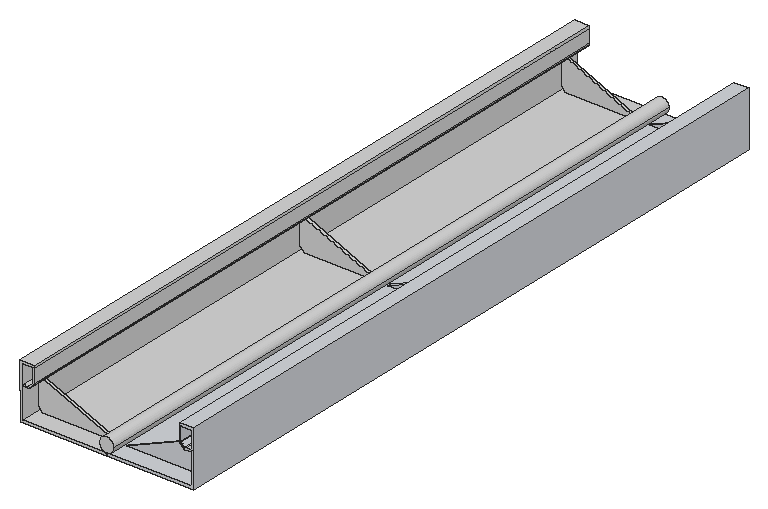
Revit family "ML_ML HINGED INSIDE CORNER 4'_1920158", category Generic Models, Revit 2018
Family settings
  Can host rebar = No
  Round Connector Dimension = Use Diameter
  Part Type = Normal
  OmniClass Number = 35.51.14.00
  OmniClass Title = FORMWORK
  Work Plane-Based = Yes
  Always vertical = No
  Cut with Voids When Loaded = No
  Shared = Yes
  Room Calculation Point = No
Parameters
  VERSION = "20190101"  # constant formula
  URL = "www.ulmaconstruction.com/en"
  UNICLASS = ""
  REAL ANGLE [instance] = if(ANGLE > 66.00°, ANGLE, 66.00°)  # 180.00°
  ITEM_CODE = "1920158"
  Manufacturer = "ULMA CONSTRUCTION"  # constant formula
  INSERTION PLANE [instance] = if(REAL ANGLE = 180.00°, 0.000 mm, (16.500 mm * sin(90.00° - REAL ANGLE) + 16.500 mm) * tan(90.00° - REAL ANGLE) + 16.500 mm * cos(90.00° - REAL ANGLE))  # 0.000 mm
  FILTER [instance] = ""
  Default Elevation = 0.000 mm
  CLASSIFICATION_TITLE = ""
  CLASSIFICATION_NUMBER = ""
  ANGLE [instance] = 180.00°
Reference planes
  plane 1 "Centro (Frontal/Posterior)": y = 0
  plane 2: z = 0
  plane 3 "Centro (Izquierda/Derecha)": x = 0
  plane 4 "ITEM_HEIGHT": y = 1219.2
  plane 5 "CENTER": z = 16.5
  plane 6 "INSERTION PLANE": x = 0
Forms (mm)
  Extrusion 1, solid, material "ULMA ZINC", detail levels fine
    sketch origin (0, 0, 0) x (1, 0, 0) y (0, 0, 1)
      loop
        circle (0, 16.5) r 12.5
    from -1219.2 to 0
  Extrusion 2, solid, material "ULMA ZINC", detail levels fine
    sketch origin (0, 0, 0) x (1, 0, 0) y (0, 0, 1)
      loop
        line (0, 4) -> (-148.4, 4) -> (-148.4, 92.5) -> (-127.4, 92.5) -> (-127.4, 96.5) -> (-152.4, 96.5) -> (-152.4, 0) -> (0, 0) -> (0, 4)
    from -1219.2 to 0
  Extrusion 3, solid, material "ULMA ZINC", detail levels fine
    sketch origin (0, 0, 0) x (1, 0, 0) y (0, 0, 1)
      loop
        arc (-129.9, 68.571) -> (-130.09, 67.614) -> (-130.632, 66.803) r 2.5
        line (-130.632, 66.803) -> (-136.703, 60.732)
        arc (-136.703, 60.732) -> (-137.514, 60.19) -> (-138.471, 60) r 2.5
        line (-138.471, 60) -> (-148.4, 60) -> (-148.4, 57.5) -> (-138.471, 57.5)
        arc (-138.471, 57.5) -> (-136.558, 57.881) -> (-134.936, 58.964) r 5
        line (-134.936, 58.964) -> (-128.864, 65.036)
        arc (-128.864, 65.036) -> (-127.781, 66.658) -> (-127.4, 68.571) r 5
        line (-127.4, 68.571) -> (-127.4, 92.5) -> (-129.9, 92.5) -> (-129.9, 68.571)
    from -1219.2 to 0
  Extrusion 4, solid, material "ULMA ZINC", detail levels fine
    sketch origin (0, 0, 0) x (1, 0, 0) y (0, 0, 1)
      loop
        line (-148.4, 14) -> (-138.4, 4) -> (-8.4, 4) -> (-134.9, 57.5) -> (-148.4, 57.5) -> (-148.4, 14)
    from -33 to -37
  Extrusion 5, solid, material "ULMA ZINC", detail levels fine
    sketch origin (0, 0, 0) x (1, 0, 0) y (0, 0, 1)
      loop
        line (-148.4, 14) -> (-138.4, 4) -> (-8.4, 4) -> (-134.9, 57.5) -> (-148.4, 57.5) -> (-148.4, 14)
    from -607.6 to -611.6
  Extrusion 6, solid, material "ULMA ZINC", detail levels fine
    sketch origin (0, 0, 0) x (1, 0, 0) y (0, 0, 1)
      loop
        line (-148.4, 14) -> (-138.4, 4) -> (-8.4, 4) -> (-134.9, 57.5) -> (-148.4, 57.5) -> (-148.4, 14)
    from -1182.2 to -1186.2
Lines and regions (mm)
  model lines, style "ULMA PANELS", detail levels medium
    curve 1: line (0, 1219.2, 0) -> (-152.4, 1219.2, 0)
    curve 2: line (-152.4, 1219.2, 0) -> (-152.4, 0, 0)
    curve 3: line (-152.4, 0, 0) -> (0, 0, 0)
    curve 4: line (0, 0, 0) -> (0, 1219.2, 0)
    curve 5: line (-152.4, 0, 0) -> (-152.4, 0, 96.5)
    curve 6: line (-152.4, 0, 96.5) -> (-152.4, 1219.2, 96.5)
    curve 7: line (-152.4, 1219.2, 96.5) -> (-152.4, 1219.2, 0)
  model lines, style "ULMA PANELS", detail levels fine
    curve 8: circle (-152.4, 152.4, 38.1) r 10 normal (1, 0, 0)
    curve 9: circle (-148.4, 152.4, 38.1) r 10 normal (1, 0, 0)
    curve 10: circle (-152.4, 457.2, 38.1) r 10 normal (1, 0, 0)
    curve 11: circle (-152.4, 762, 38.1) r 10 normal (1, 0, 0)
    curve 12: circle (-152.4, 1066.8, 38.1) r 10 normal (1, 0, 0)
    curve 13: circle (-148.4, 457.2, 38.1) r 10 normal (1, 0, 0)
    curve 14: circle (-148.4, 762, 38.1) r 10 normal (1, 0, 0)
    curve 15: circle (-148.4, 1066.8, 38.1) r 10 normal (1, 0, 0)
  reference lines
    curve 16: line (0, 0, 16.5) -> (311.15, 0, 16.5)
Dimensions and locks
  plane 1 "Centro (Frontal/Posterior)" to plane 4 "ITEM_HEIGHT" = 1219.200 mm
  locked: curve 8 to plane 1 "Centro (Frontal/Posterior)" at 152.4
  locked: curve 9 to plane 1 "Centro (Frontal/Posterior)" at 152.4
  "INSERTION PLANE": plane 6 "INSERTION PLANE" to plane 3 "Centro (Izquierda/Derecha)"
  "REAL ANGLE": angle curve 16 to plane 5 "CENTER"
  aligned and locked: level to plane 2
  aligned and locked: plane 4 "ITEM_HEIGHT" to Extrusion 1
  aligned and locked: plane 1 "Centro (Frontal/Posterior)" to Extrusion 1
  aligned and locked: plane 3 "Centro (Izquierda/Derecha)" to curve 16
  aligned and locked: plane 5 "CENTER" to curve 16
  aligned and locked: plane 4 "ITEM_HEIGHT" to Extrusion 2
  aligned and locked: plane 4 "ITEM_HEIGHT" to Extrusion 3
  aligned and locked: plane 4 "ITEM_HEIGHT" to nested 1
Automatic sketch dimensions
  curve 1 to plane 4 "ITEM_HEIGHT" = 0.000 mm
  plane 1 "Centro (Frontal/Posterior)" to curve 2 = 0.000 mm
  curve 3 to plane 3 "Centro (Izquierda/Derecha)" = 0.000 mm
  curve 3 to curve 3 = 152.400 mm
  Extrusion 1 sketch curve to plane 3 "Centro (Izquierda/Derecha)" = 0.000 mm
  Extrusion 1 sketch curve to plane 5 "CENTER" = 0.000 mm
  Extrusion 2 sketch curve to level = 0.000 mm
  Extrusion 2 sketch curve to plane 3 "Centro (Izquierda/Derecha)" = 0.000 mm
  plane 3 "Centro (Izquierda/Derecha)" to Extrusion 2 sketch curve = 127.400 mm
  Extrusion 2 sketch curve to level = 4.000 mm
  Extrusion 2 sketch curve to Extrusion 2 sketch curve = 21.000 mm
  Extrusion 2 sketch curve to Extrusion 2 sketch curve = 4.000 mm  (x2)
  Extrusion 2 sketch curve to Extrusion 2 sketch curve = 88.500 mm
  Extrusion 3 sketch curve to Extrusion 3 sketch curve = 0.000 mm  (x4)
  Extrusion 3 sketch curve to level = 60.000 mm
  plane 3 "Centro (Izquierda/Derecha)" to Extrusion 3 sketch curve = 148.400 mm
  Extrusion 3 sketch curve to Extrusion 3 sketch curve = 9.929 mm
  Extrusion 3 sketch curve to level = 60.732 mm
  Extrusion 3 sketch curve to Extrusion 3 sketch curve = 1.768 mm  (x4)
  Extrusion 3 sketch curve to level = 58.964 mm
  Extrusion 3 sketch curve to Extrusion 3 sketch curve = 6.071 mm
  Extrusion 3 sketch curve to level = 66.803 mm
  Extrusion 3 sketch curve to Extrusion 3 sketch curve = 2.500 mm  (x2)
  Extrusion 3 sketch curve to Extrusion 3 sketch curve = 23.929 mm
  Extrusion 4 sketch curve to level = 14.000 mm
  plane 3 "Centro (Izquierda/Derecha)" to Extrusion 4 sketch curve = 148.400 mm
  Extrusion 4 sketch curve to level = 4.000 mm
  Extrusion 4 sketch curve to Extrusion 4 sketch curve = 10.000 mm
  Extrusion 4 sketch curve to Extrusion 4 sketch curve = 13.500 mm
  plane 3 "Centro (Izquierda/Derecha)" to Extrusion 4 sketch curve = 8.400 mm
  Extrusion 4 sketch curve to Extrusion 4 sketch curve = 43.500 mm
  Extrusion 5 sketch curve to level = 14.000 mm
  plane 3 "Centro (Izquierda/Derecha)" to Extrusion 5 sketch curve = 148.400 mm
  Extrusion 5 sketch curve to level = 4.000 mm
  Extrusion 5 sketch curve to Extrusion 5 sketch curve = 10.000 mm
  Extrusion 5 sketch curve to Extrusion 5 sketch curve = 13.500 mm
  plane 3 "Centro (Izquierda/Derecha)" to Extrusion 5 sketch curve = 8.400 mm
  Extrusion 5 sketch curve to Extrusion 5 sketch curve = 43.500 mm
  Extrusion 6 sketch curve to level = 14.000 mm
  plane 3 "Centro (Izquierda/Derecha)" to Extrusion 6 sketch curve = 148.400 mm
  Extrusion 6 sketch curve to level = 4.000 mm
  Extrusion 6 sketch curve to Extrusion 6 sketch curve = 10.000 mm
  Extrusion 6 sketch curve to Extrusion 6 sketch curve = 13.500 mm
  plane 3 "Centro (Izquierda/Derecha)" to Extrusion 6 sketch curve = 8.400 mm
  Extrusion 6 sketch curve to Extrusion 6 sketch curve = 43.500 mm
  curve 7 to level = 0.000 mm
  curve 5 to level = 0.000 mm
  curve 6 to plane 4 "ITEM_HEIGHT" = 0.000 mm
  curve 6 to plane 1 "Centro (Frontal/Posterior)" = 0.000 mm
  plane 5 "CENTER" to curve 6 = 80.000 mm
  plane 5 "CENTER" to curve 11 = 21.600 mm
  curve 11 to plane 4 "ITEM_HEIGHT" = 457.200 mm
  plane 5 "CENTER" to curve 12 = 21.600 mm
  curve 12 to plane 4 "ITEM_HEIGHT" = 152.400 mm
  plane 5 "CENTER" to curve 10 = 21.600 mm
  curve 10 to curve 11 = 304.800 mm
  plane 5 "CENTER" to curve 8 = 21.600 mm
  plane 5 "CENTER" to curve 13 = 21.600 mm
  curve 13 to plane 1 "Centro (Frontal/Posterior)" = 457.200 mm
  plane 5 "CENTER" to curve 9 = 21.600 mm
  plane 5 "CENTER" to curve 14 = 21.600 mm
  curve 13 to curve 14 = 304.800 mm
  plane 5 "CENTER" to curve 15 = 21.600 mm
  curve 15 to plane 4 "ITEM_HEIGHT" = 152.400 mm
  radius of Extrusion 1 sketch curve = 12.500 mm
  radius of curve 11 = 10.000 mm
  radius of curve 12 = 10.000 mm
  radius of curve 10 = 10.000 mm
  radius of curve 8 = 10.000 mm
  radius of curve 13 = 10.000 mm
  radius of curve 9 = 10.000 mm
  radius of curve 14 = 10.000 mm
  radius of curve 15 = 10.000 mm
Nested families
  nested 1: "LATERAL - 1920159_PANELS" at (0, 0, 0) x (-1, 0, 0) z (0, 0, -1), type "LATERAL - 1920159_PANELS"
    with FILTER ""
Definition of nested family "LATERAL - 1920159_PANELS"
  Parameters (values of type "LATERAL - 1920159_PANELS")
    VERSION = "20190101"  # constant formula
    URL = "www.ulmaconstruction.com/en"
    UNICLASS = ""
    Manufacturer = "ULMA CONSTRUCTION"  # constant formula
    FILTER [instance] = ""
    Default Elevation = 0.000 mm
    CLASSIFICATION_TITLE = ""
    CLASSIFICATION_NUMBER = ""
  Reference planes
    plane 1 "Centro (Frontal/Posterior)": y = 0
    plane 2: z = 0
    plane 3 "Centro (Izquierda/Derecha)": x = 0
    plane 4 "ITEM_HEIGHT": y = 1219.2
  Forms (mm)
    Extrusion 1, solid, detail levels fine
      sketch origin (0, 0, 0) x (1, 0, 0) y (0, 0, 1)
        loop
          line (0, -4) -> (0, 0) -> (-152.4, 0) -> (-152.4, -96.5) -> (-127.4, -96.5) -> (-127.4, -92.5) -> (-148.4, -92.5) -> (-148.4, -4) -> (0, -4)
      from -1219.2 to 0
    Extrusion 2, solid, detail levels fine
      sketch origin (0, 0, 0) x (1, 0, 0) y (0, 0, 1)
        loop
          line (-129.9, -68.571) -> (-129.9, -92.5) -> (-127.4, -92.5) -> (-127.4, -68.571)
          arc (-127.4, -68.571) -> (-127.781, -66.658) -> (-128.864, -65.036) r 5
          line (-128.864, -65.036) -> (-134.936, -58.964)
          arc (-134.936, -58.964) -> (-136.558, -57.881) -> (-138.471, -57.5) r 5
          line (-138.471, -57.5) -> (-148.4, -57.5) -> (-148.4, -60) -> (-138.471, -60)
          arc (-138.471, -60) -> (-137.514, -60.19) -> (-136.703, -60.732) r 2.5
          line (-136.703, -60.732) -> (-130.632, -66.803)
          arc (-130.632, -66.803) -> (-130.09, -67.614) -> (-129.9, -68.571) r 2.5
      from -1219.2 to 0
    Extrusion 3, solid, detail levels fine
      sketch origin (0, 0, 0) x (1, 0, 0) y (0, 0, 1)
        loop
          line (-148.4, -14) -> (-148.4, -57.5) -> (-134.9, -57.5) -> (-8.4, -4) -> (-138.4, -4) -> (-148.4, -14)
      from -33 to -37
    Extrusion 4, solid, detail levels fine
      sketch origin (0, 0, 0) x (1, 0, 0) y (0, 0, 1)
        loop
          line (-148.4, -14) -> (-148.4, -57.5) -> (-134.9, -57.5) -> (-8.4, -4) -> (-138.4, -4) -> (-148.4, -14)
      from -607.6 to -611.6
    Extrusion 5, solid, detail levels fine
      sketch origin (0, 0, 0) x (1, 0, 0) y (0, 0, 1)
        loop
          line (-148.4, -14) -> (-148.4, -57.5) -> (-134.9, -57.5) -> (-8.4, -4) -> (-138.4, -4) -> (-148.4, -14)
      from -1182.2 to -1186.2
  Cuts and joins
    joined: Extrusion 1, Extrusion 2
  Lines and regions (mm)
    model lines, detail levels medium
      curve 1: line (0, 1219.2, 0) -> (-152.4, 1219.2, 0)
      curve 2: line (-152.4, 1219.2, 0) -> (-152.4, 0, 0)
      curve 3: line (-152.4, 0, 0) -> (0, 0, 0)
      curve 4: line (0, 0, 0) -> (0, 1219.2, 0)
      curve 5: line (-152.4, 0, 0) -> (-152.4, 0, -96.5)
      curve 6: line (-152.4, 0, -96.5) -> (-152.4, 1219.2, -96.5)
      curve 7: line (-152.4, 1219.2, -96.5) -> (-152.4, 1219.2, 0)
    model lines, detail levels fine
      curve 8: circle (-152.4, 152.4, -38.1) r 10 normal (1, 0, 0)
      curve 9: circle (-148.4, 152.4, -38.1) r 10 normal (1, 0, 0)
      curve 10: circle (-152.4, 457.2, -38.1) r 10 normal (1, 0, 0)
      curve 11: circle (-152.4, 762, -38.1) r 10 normal (1, 0, 0)
      curve 12: circle (-152.4, 1066.8, -38.1) r 10 normal (1, 0, 0)
      curve 13: circle (-148.4, 457.2, -38.1) r 10 normal (1, 0, 0)
      curve 14: circle (-148.4, 762, -38.1) r 10 normal (1, 0, 0)
      curve 15: circle (-148.4, 1066.8, -38.1) r 10 normal (1, 0, 0)
  Dimensions and locks
    locked: plane 1 "Centro (Frontal/Posterior)" to plane 4 "ITEM_HEIGHT" at 1219.2
    locked: curve 8 to plane 1 "Centro (Frontal/Posterior)" at 152.4
    locked: curve 9 to plane 1 "Centro (Frontal/Posterior)" at 152.4
    aligned and locked: level to plane 2
    aligned and locked: plane 1 "Centro (Frontal/Posterior)" to Extrusion 1
    aligned and locked: plane 1 "Centro (Frontal/Posterior)" to Extrusion 2
    aligned and locked: plane 4 "ITEM_HEIGHT" to Extrusion 1
    aligned and locked: plane 4 "ITEM_HEIGHT" to Extrusion 2
